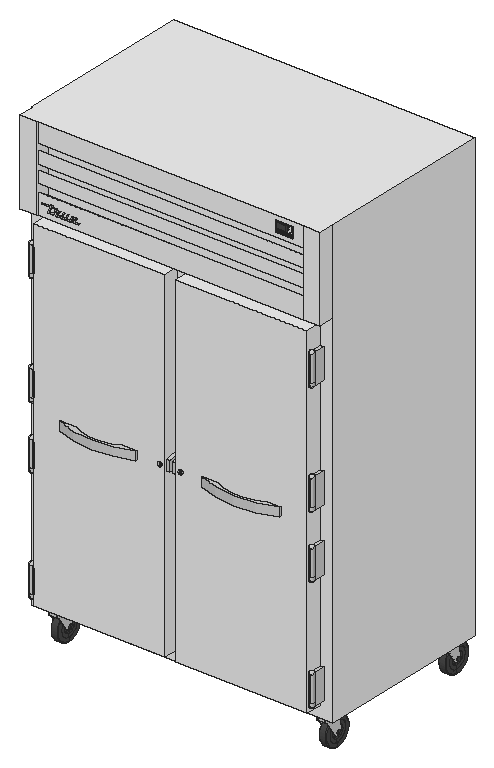
Revit family
Parameters
  Weight in Pounds = 0
  Watts = 3000 W
  Volts = 208 V
  URL Cutsheet = "www.truemfg.com"
  URL = "www.truemfg.com"
  Type Mark [instance] = ""
  Type Comments = ""
  Status [instance] = ""
  Specification by User [instance] = ""
  Specification by Manufacturer = ""
  Show Seismic Flanged [instance] = no
  Show Logo [instance] = yes
  Show Legs [instance] = no
  Show Clearance [instance] = yes
  Serial Number = ""
  Seismic Rating = ""
  Seismic Plate [instance] = and(Show Seismic Flanged, not(Show Casters))  # no
  SMACNA No = ""
  Revision Code [instance] = ""
  Phase = 1
  Omniclass Number and Title = ""
  Number of Poles [instance] = 1
  NAFEM Spec ID Number = ""
  Model = "STR2H-2S"
  Min Ckt Ampacity = 0 A
  Max Overcurrent Protection = 0 A
  Masterspec = ""
  Manufacturer = "TRUE FOOD SERVICE EQUIPMENT, INC."
  Length = 52 5/8"
  Legs [instance] = or(Show Legs, Show Seismic Flanged)  # no
  Item Number [instance] = ""
  Installed By [instance] = ""
  Identify Quantity as Lot [instance] = yes
  Height = 77 3/4"
  HP = ""
  Furnished By [instance] = ""
  Foodservice Equipment Identifier [instance] = yes
  FL Amps = Watts / Volts  # 14.4231 A
  Electrical Remarks [instance] = ""
  Electric Connection Type [instance] = ""
  Elec Conn RI Height [instance] = 0"
  Elec Conn Connection Height [instance] = 0"
  Description = "Reach-in Solid Swing Door Heated Cabinet"
  Depth = 33 3/4"
  Cycle = 60 Hz
  Conn Plug = "6-15P"
  Conn Conduit = yes
  Show Casters [instance] = and(not(if(Show Legs, Show Legs, Show Legs)), not(if(Show Legs, Show Legs, Show Seismic Flanged)))  # yes
  CSI MasterFormat = ""
  CSI Master Format = ""
  Apparent Power = if(Phase = 3, Volts * FL Amps * 1.73, Volts * FL Amps)  # 3000 VA
Reference planes (in)
  plane 1 "BACK": y = 0
  plane 2: z = 0
  plane 3 "LEFT": x = 0
  plane 4 "RIGHT": x = 52.625
  plane 5 "FRONT": y = -33.75
  plane 6 "TOP": z = 84.125
  plane 7: z = 6.125
  plane 8: x = 26.3125
  plane 9: x = 3
  plane 10: x = 49.9375
  plane 11: y = -33.7042
  plane 12: x = 26.46875
Forms (in)
  Extrusion 1, solid, material "QF_Finishes_Chrome - Satin"
    sketch origin (0.05, 0, 0) x (1, 0, 0) y (0, 1, 0)
      loop
        line (-0.05, 0) -> (-0.05, -31) -> (2.35625, -31) -> (2.35625, 0) -> (-0.05, 0)
    from 6.125 to 84.125
  Extrusion 2, solid, material "QF_Finishes_Chrome - Satin"
    sketch origin (50.15, 0, 0) x (1, 0, 0) y (0, 1, 0)
      loop
        line (0.225, 0) -> (0.225, -31) -> (2.475, -31) -> (2.475, 0) -> (0.225, 0)
    from 6.125 to 84.125
  Extrusion 3, solid, material "QF_Finishes_Chrome - Satin"
    sketch origin (0, 0, 0) x (0, 1, 0) y (0, 0, 1)
      loop
        line (-33.7042, 69.5) -> (-31, 69.5) -> (-31, 6.125) -> (0, 6.125) -> (0, 84.125) -> (-33.7042, 84.125) -> (-33.7042, 80.78078) -> (-31.5, 79.21352) -> (-31.5, 78.09125) -> (-33.7042, 79.65851) -> (-33.7042, 77.5248) -> (-31.5, 75.95754) -> (-31.5, 74.99678) -> (-33.7042, 76.56404) -> (-33.7042, 74.46784) -> (-31.5, 72.90057) -> (-31.5, 71.625) -> (-33.7042, 73.19226) -> (-33.7042, 69.5)
    from 2.25 to 50.375
  Extrusion 4, solid, material "QF_Finishes_Chrome - Satin"
    sketch origin (0, 0, 0) x (1, 0, 0) y (0, 1, 0)
      loop
        line (52.54687, -31) -> (49.66032, -31) -> (49.66032, -33.75) -> (52.54687, -33.75) -> (52.54687, -31)
    from 69.5 to 84.125
  Extrusion 5, solid, material "QF_Finishes_Chrome - Satin"
    sketch origin (-50.125, 0, 0.25) x (1, 0, 0) y (0, 1, 0)
      loop
        line (53.20984, -31) -> (50.20312, -31) -> (50.20312, -33.75) -> (53.20984, -33.75) -> (53.20984, -31)
    from 69.25 to 83.875
  Extrusion 6, solid, material "QF_Finishes_Chrome - Satin"
    sketch origin (0, 0, -0.71875) x (1, 0, 0) y (0, 0, 1)
      loop
        line (2.4375, 68.6875) -> (2.4375, 8.75) -> (25.375, 8.75) -> (25.375, 68.6875) -> (2.4375, 68.6875)
      loop
        line (50.34375, 68.6875) -> (27.40625, 68.6875) -> (27.40625, 8.75) -> (50.34375, 8.75) -> (50.34375, 68.6875)
    from 31 to 33.75
  Extrusion 7, solid, material "QF_Finishes_Handrails and Railings"
    sketch origin (85.95, -0.25, 26.37269) x (1, 0, 0) y (0, 1, 0)
      loop
        line (-53.875, -33.5) -> (-53.875, -33.7)
        arc (-53.875, -33.7) -> (-47.075, -35.14405) -> (-40.275, -33.7) r 16.7325
        line (-40.275, -33.7) -> (-40.275, -33.5) -> (-42.675, -33.5)
        arc (-42.675, -33.5) -> (-47.075, -34.65816) -> (-51.475, -33.5) r 8.93715
        line (-51.475, -33.5) -> (-53.875, -33.5)
    from 10.87731 to 12.37731
  Extrusion 8, solid, material "QF_Finishes_Handrails and Railings"
    sketch origin (1.875, 0, -2) x (1, 0, 0) y (0, 0, 1)
      loop
        circle (22.6875, 40.0625) r 0.35
      loop
        line (22.65235, 40.33635) -> (22.65235, 39.76895) -> (22.70785, 39.76895) -> (22.70785, 40.33635) -> (22.65235, 40.33635)
      loop
        circle (26.3125, 40.0625) r 0.35
      loop
        line (26.34765, 40.33635) -> (26.29215, 40.33635) -> (26.29215, 39.76895) -> (26.34765, 39.76895) -> (26.34765, 40.33635)
    from 33.5 to 33.83066
  Extrusion 9, solid, material "QF_Finishes_Handrails and Railings", visible <- "Show Logo"
    sketch origin (0.33478, 1.08173, -6.73143) x (1, 0, 0) y (0, 0, 1)
      loop
        line (3.61669, 78.46231) -> (3.51103, 78.23573) -> (4.91652, 78.23573)
        arc (4.91652, 78.23573) -> (4.94504, 78.18528) -> (4.91652, 78.13484) r 0.05887
        line (4.91652, 78.13484) -> (4.54994, 77.34872)
        arc (4.54994, 77.34872) -> (4.54676, 77.27591) -> (4.596, 77.22217) r 0.09523
        line (4.596, 77.22217) -> (5.49469, 77.22217)
        arc (5.49469, 77.22217) -> (5.60817, 77.25795) -> (5.68061, 77.35235) r 0.19785
        line (5.68061, 77.35235) -> (5.9691, 77.97101) -> (6.23415, 77.97101)
        arc (6.23415, 77.97101) -> (6.30369, 77.94543) -> (6.29362, 77.87203) r 0.05911
        line (6.29362, 77.87203) -> (6.05223, 77.35437)
        arc (6.05223, 77.35437) -> (6.05599, 77.2684) -> (6.12856, 77.22217) r 0.09318
        line (6.12856, 77.22217) -> (6.91823, 77.22217)
        arc (6.91823, 77.22217) -> (6.97874, 77.24419) -> (7.01093, 77.29995) r 0.09412
        arc (7.01093, 77.29995) -> (7.03371, 77.24495) -> (7.08871, 77.22217) r 0.07778
        line (7.08871, 77.22217) -> (7.58871, 77.22217)
        arc (7.58871, 77.22217) -> (7.64647, 77.23765) -> (7.68876, 77.27993) r 0.11552
        arc (7.68876, 77.27993) -> (7.709, 77.23106) -> (7.75787, 77.21081) r 0.06912
        line (7.75787, 77.21081) -> (8.4685, 77.21081)
        arc (8.4685, 77.21081) -> (8.52659, 77.23488) -> (8.55066, 77.29297) r 0.08216
        arc (8.55066, 77.29297) -> (8.60392, 77.23972) -> (8.67667, 77.22022) r 0.14551
        line (8.67667, 77.22022) -> (10.00783, 77.22022) -> (10.15571, 77.47634) -> (8.81303, 77.47634)
        arc (8.81303, 77.47634) -> (8.77597, 77.50204) -> (8.77459, 77.54711) r 0.05009
        line (8.77459, 77.54711) -> (8.79782, 77.59692)
        arc (8.79782, 77.59692) -> (8.83348, 77.64364) -> (8.88952, 77.66135) r 0.09747
        line (8.88952, 77.66135) -> (9.3211, 77.66135)
        arc (9.3211, 77.66135) -> (9.41425, 77.68631) -> (9.48244, 77.7545) r 0.1863
        line (9.48244, 77.7545) -> (9.60744, 77.97101)
        arc (9.60744, 77.97101) -> (9.60744, 78.08657) -> (9.50736, 78.14434) r 0.11556
        line (9.50736, 78.14434) -> (9.05187, 78.14434)
        arc (9.05187, 78.14434) -> (8.93575, 78.12462) -> (8.85474, 78.03912) r 0.18605
        line (8.85474, 78.03912) -> (8.63829, 77.57493)
        arc (8.63829, 77.57493) -> (8.5744, 77.49167) -> (8.47431, 77.46011) r 0.1745
        line (8.47431, 77.46011) -> (8.00184, 77.46011)
        arc (8.00184, 77.46011) -> (7.94528, 77.52184) -> (7.94893, 77.60548) r 0.10939
        line (7.94893, 77.60548) -> (8.2002, 78.14434) -> (8.04028, 78.14434) -> (7.77406, 77.57344)
        arc (7.77406, 77.57344) -> (7.72234, 77.50603) -> (7.6413, 77.48048) r 0.14128
        line (7.6413, 77.48048) -> (7.3155, 77.48048)
        arc (7.3155, 77.48048) -> (7.26044, 77.55223) -> (7.27225, 77.64189) r 0.11816
        line (7.27225, 77.64189) -> (7.50655, 78.14434) -> (7.34139, 78.14434) -> (7.07171, 77.566)
        arc (7.07171, 77.566) -> (7.0091, 77.50339) -> (6.92358, 77.48048) r 0.17104
        line (6.92358, 77.48048) -> (6.4518, 77.48048)
        arc (6.4518, 77.48048) -> (6.36707, 77.51999) -> (6.35892, 77.61313) r 0.0935
        line (6.35892, 77.61313) -> (6.51399, 77.94569) -> (6.7332, 77.94569)
        arc (6.7332, 77.94569) -> (6.7702, 78.05717) -> (6.84892, 78.14434) r 0.2857
        line (6.84892, 78.14434) -> (5.9923, 78.14434)
        arc (5.9923, 78.14434) -> (5.89711, 78.12324) -> (5.83123, 78.05135) r 0.16212
        line (5.83123, 78.05135) -> (5.59904, 77.55341)
        arc (5.59904, 77.55341) -> (5.54565, 77.50002) -> (5.47272, 77.48048) r 0.14586
        line (5.47272, 77.48048) -> (4.96131, 77.48048)
        arc (4.96131, 77.48048) -> (4.92139, 77.53442) -> (4.92899, 77.60109) r 0.09155
        line (4.92899, 77.60109) -> (5.26643, 78.23573) -> (6.1178, 78.23573) -> (6.22346, 78.46231) -> (5.37209, 78.46231) -> (5.47774, 78.68888) -> (5.17487, 78.68888) -> (5.06922, 78.46231) -> (3.61669, 78.46231)
      loop
        arc (8.9943, 77.93863) -> (8.95744, 77.92875) -> (8.93045, 77.90176) r 0.07373
        line (8.93045, 77.90176) -> (8.90854, 77.83436)
        arc (8.90854, 77.83436) -> (8.9187, 77.80983) -> (8.94324, 77.79966) r 0.0347
        line (8.94324, 77.79966) -> (9.31573, 77.79966)
        arc (9.31573, 77.79966) -> (9.34257, 77.80561) -> (9.36437, 77.82234) r 0.0635
        line (9.36437, 77.82234) -> (9.38249, 77.90622)
        arc (9.38249, 77.90622) -> (9.37716, 77.92868) -> (9.35634, 77.93863) r 0.02676
        line (9.35634, 77.93863) -> (8.9943, 77.93863)
    from 34.76797 to 34.83173
  Extrusion 10, solid
    sketch origin (0, 0, 0) x (1, 0, 0) y (0, 0, 1)
      loop
        circle (49.53125, 82) r 0.25
    from 0 to 0.0625
  Extrusion 11, solid, material "QF_Finishes_Handrails and Railings"
    sketch origin (-33.16875, -0.25, 26.37269) x (1, 0, 0) y (0, 1, 0)
      loop
        line (53.71875, -33.5) -> (51.31875, -33.5)
        arc (51.31875, -33.5) -> (47.075, -34.58228) -> (42.83125, -33.5) r 8.86127
        line (42.83125, -33.5) -> (40.43125, -33.5) -> (40.43125, -33.7)
        arc (40.43125, -33.7) -> (47.075, -35.08117) -> (53.71875, -33.7) r 16.66961
        line (53.71875, -33.7) -> (53.71875, -33.5)
    from 10.87731 to 12.37731
  Blend 12, solid, material "QF_Finishes_Handrails and Railings"
    base sketch origin (0.125, 0, 0) x (1, 0, 0) y (0, 0, 1)
      loop
        line (25.25, 38.99169) -> (25.25, 37.24169) -> (26, 37.24169) -> (26, 38.99169) -> (25.25, 38.99169)
    top sketch origin (0.125, 0, 0) x (1, 0, 0) y (0, 0, 1)
      loop
        line (26.18223, 36.6441) -> (26.18223, 39.42643) -> (25.25, 39.42643) -> (25.25, 36.6441) -> (26.18223, 36.6441)
    from 33.57883 to 31
  Blend 13, solid, material "QF_Finishes_Handrails and Railings"
    base sketch origin (52.65625, 0, 0) x (-1, 0, 0) y (0, 0, -1)
      loop
        line (25.25, -38.99169) -> (26, -38.99169) -> (26, -37.24169) -> (25.25, -37.24169) -> (25.25, -38.99169)
    top sketch origin (52.65625, 0, 0) x (-1, 0, 0) y (0, 0, -1)
      loop
        line (26.18223, -36.6441) -> (25.25, -36.6441) -> (25.25, -39.42643) -> (26.18223, -39.42643) -> (26.18223, -36.6441)
    from 33.57883 to 31
  Extrusion 14, solid, material "QF_Finishes_Handrails and Railings"
    sketch origin (1.28125, 0, 0) x (0, 1, 0) y (0, 0, 1)
      loop
        line (-31, 64.55229) -> (-32.61044, 64.55229)
        arc (-32.61044, 64.55229) -> (-32.75506, 64.49238) -> (-32.81497, 64.34776) r 0.20453
        line (-32.81497, 64.34776) -> (-32.81497, 59.94848) -> (-33.25, 59.94848) -> (-33.25, 59.23627) -> (-31, 59.23627) -> (-31, 64.55229)
    from 0.17506 to 1
  Revolve 15, solid, material "QF_Finishes_Handrails and Railings"
    sketch origin (1.78125, 0, 0) x (0, 1, 0) y (0, 0, 1)
      loop
        line (-33.26563, 60.00189) -> (-33.26563, 64.81483)
        arc (-33.26563, 64.81483) -> (-33.53722, 64.72557) -> (-33.67229, 64.4736) r 0.3848
        line (-33.67229, 64.4736) -> (-33.67229, 60.00189) -> (-33.26563, 60.00189)
      loop
        line (-33.26563, 59.94848) -> (-33.67229, 59.94848) -> (-33.67229, 59.37712)
        arc (-33.67229, 59.37712) -> (-33.53264, 59.13383) -> (-33.26563, 59.04781) r 0.38884
        line (-33.26563, 59.04781) -> (-33.26563, 59.94848)
      axis (-33.26563, 59.04781) -> (-33.26563, 64.81483)
    angle from 0 to 360
  Extrusion 16, solid, material "QF_Finishes_Handrails and Railings"
    sketch origin (-0.03125, 0, 0) x (1, 0, 0) y (0, 0, 1)
      loop
        line (2.07116, 64.4736) -> (2.07116, 60.00079) -> (2.46875, 60.00079) -> (2.46875, 64.4736) -> (2.07116, 64.4736)
    from 32.81497 to 33.59495
  Extrusion 17, solid, material "QF_Finishes_Handrails and Railings"
    sketch origin (1.28125, 0, -19.5) x (0, 1, 0) y (0, 0, 1)
      loop
        line (-31, 64.55229) -> (-32.61044, 64.55229)
        arc (-32.61044, 64.55229) -> (-32.75506, 64.49238) -> (-32.81497, 64.34776) r 0.20453
        line (-32.81497, 64.34776) -> (-32.81497, 59.94848) -> (-33.25, 59.94848) -> (-33.25, 59.23627) -> (-31, 59.23627) -> (-31, 64.55229)
    from 0.17506 to 1
  Revolve 18, solid, material "QF_Finishes_Handrails and Railings"
    sketch origin (1.78125, 0, -19.5) x (0, 1, 0) y (0, 0, 1)
      loop
        line (-33.26563, 60.00189) -> (-33.26563, 64.81483)
        arc (-33.26563, 64.81483) -> (-33.53722, 64.72557) -> (-33.67229, 64.4736) r 0.3848
        line (-33.67229, 64.4736) -> (-33.67229, 60.00189) -> (-33.26563, 60.00189)
      loop
        line (-33.26563, 59.94848) -> (-33.67229, 59.94848) -> (-33.67229, 59.37712)
        arc (-33.67229, 59.37712) -> (-33.53264, 59.13383) -> (-33.26563, 59.04781) r 0.38884
        line (-33.26563, 59.04781) -> (-33.26563, 59.94848)
      axis (-33.26563, 59.04781) -> (-33.26563, 64.81483)
    angle from 0 to 360
  Extrusion 19, solid, material "QF_Finishes_Handrails and Railings"
    sketch origin (-0.03125, 0, -19.5) x (1, 0, 0) y (0, 0, 1)
      loop
        line (2.07116, 64.4736) -> (2.07116, 60.00079) -> (2.46875, 60.00079) -> (2.46875, 64.4736) -> (2.07116, 64.4736)
    from 32.81497 to 33.59495
  Extrusion 20, solid, material "QF_Finishes_Handrails and Railings"
    sketch origin (1.28125, 0, -30.5) x (0, 1, 0) y (0, 0, 1)
      loop
        line (-31, 64.55229) -> (-32.61044, 64.55229)
        arc (-32.61044, 64.55229) -> (-32.75506, 64.49238) -> (-32.81497, 64.34776) r 0.20453
        line (-32.81497, 64.34776) -> (-32.81497, 59.94848) -> (-33.25, 59.94848) -> (-33.25, 59.23627) -> (-31, 59.23627) -> (-31, 64.55229)
    from 0.17506 to 1
  Revolve 21, solid, material "QF_Finishes_Handrails and Railings"
    sketch origin (1.78125, 0, -30.5) x (0, 1, 0) y (0, 0, 1)
      loop
        line (-33.26563, 60.00189) -> (-33.26563, 64.81483)
        arc (-33.26563, 64.81483) -> (-33.53722, 64.72557) -> (-33.67229, 64.4736) r 0.3848
        line (-33.67229, 64.4736) -> (-33.67229, 60.00189) -> (-33.26563, 60.00189)
      loop
        line (-33.26563, 59.94848) -> (-33.67229, 59.94848) -> (-33.67229, 59.37712)
        arc (-33.67229, 59.37712) -> (-33.53264, 59.13383) -> (-33.26563, 59.04781) r 0.38884
        line (-33.26563, 59.04781) -> (-33.26563, 59.94848)
      axis (-33.26563, 59.04781) -> (-33.26563, 64.81483)
    angle from 0 to 360
  Extrusion 22, solid, material "QF_Finishes_Handrails and Railings"
    sketch origin (-0.03125, 0, -30.5) x (1, 0, 0) y (0, 0, 1)
      loop
        line (2.07116, 64.4736) -> (2.07116, 60.00079) -> (2.46875, 60.00079) -> (2.46875, 64.4736) -> (2.07116, 64.4736)
    from 32.81497 to 33.59495
  Extrusion 23, solid, material "QF_Finishes_Handrails and Railings"
    sketch origin (1.28125, 0, -50.25) x (0, 1, 0) y (0, 0, 1)
      loop
        line (-31, 64.55229) -> (-32.61044, 64.55229)
        arc (-32.61044, 64.55229) -> (-32.75506, 64.49238) -> (-32.81497, 64.34776) r 0.20453
        line (-32.81497, 64.34776) -> (-32.81497, 59.94848) -> (-33.25, 59.94848) -> (-33.25, 59.23627) -> (-31, 59.23627) -> (-31, 64.55229)
    from 0.17506 to 1
  Revolve 24, solid, material "QF_Finishes_Handrails and Railings"
    sketch origin (1.78125, 0, -50.25) x (0, 1, 0) y (0, 0, 1)
      loop
        line (-33.26563, 60.00189) -> (-33.26563, 64.81483)
        arc (-33.26563, 64.81483) -> (-33.53722, 64.72557) -> (-33.67229, 64.4736) r 0.3848
        line (-33.67229, 64.4736) -> (-33.67229, 60.00189) -> (-33.26563, 60.00189)
      loop
        line (-33.26563, 59.94848) -> (-33.67229, 59.94848) -> (-33.67229, 59.37712)
        arc (-33.67229, 59.37712) -> (-33.53264, 59.13383) -> (-33.26563, 59.04781) r 0.38884
        line (-33.26563, 59.04781) -> (-33.26563, 59.94848)
      axis (-33.26563, 59.04781) -> (-33.26563, 64.81483)
    angle from 0 to 360
  Extrusion 25, solid, material "QF_Finishes_Handrails and Railings"
    sketch origin (-0.03125, 0, -50.25) x (1, 0, 0) y (0, 0, 1)
      loop
        line (2.07116, 64.4736) -> (2.07116, 60.00079) -> (2.46875, 60.00079) -> (2.46875, 64.4736) -> (2.07116, 64.4736)
    from 32.81497 to 33.59495
  Extrusion 26, solid, material "QF_Finishes_Handrails and Railings"
    sketch origin (51.1875, 0, 0) x (0, 1, 0) y (0, 0, -1)
      loop
        line (-31, -64.55229) -> (-31, -59.23627) -> (-33.25, -59.23627) -> (-33.25, -59.94848) -> (-32.81497, -59.94848) -> (-32.81497, -64.34776)
        arc (-32.81497, -64.34776) -> (-32.75506, -64.49238) -> (-32.61044, -64.55229) r 0.20453
        line (-32.61044, -64.55229) -> (-31, -64.55229)
    from 0.17506 to 1
  Revolve 27, solid, material "QF_Finishes_Handrails and Railings"
    sketch origin (50.6875, 0, 0) x (0, 1, 0) y (0, 0, -1)
      loop
        line (-33.26563, -60.00189) -> (-33.67229, -60.00189) -> (-33.67229, -64.4736)
        arc (-33.67229, -64.4736) -> (-33.53722, -64.72557) -> (-33.26563, -64.81483) r 0.3848
        line (-33.26563, -64.81483) -> (-33.26563, -60.00189)
      loop
        line (-33.26563, -59.94848) -> (-33.26563, -59.04781)
        arc (-33.26563, -59.04781) -> (-33.53264, -59.13383) -> (-33.67229, -59.37712) r 0.38884
        line (-33.67229, -59.37712) -> (-33.67229, -59.94848) -> (-33.26563, -59.94848)
      axis (-33.26563, -59.04781) -> (-33.26563, -64.81483)
    angle from 0 to 360
  Extrusion 28, solid, material "QF_Finishes_Handrails and Railings"
    sketch origin (52.5, 0, 0) x (-1, 0, 0) y (0, 0, -1)
      loop
        line (1.75866, -64.4736) -> (2.15625, -64.4736) -> (2.15625, -60.00079) -> (1.75866, -60.00079) -> (1.75866, -64.4736)
    from 32.81497 to 33.59495
  Extrusion 29, solid, material "QF_Finishes_Handrails and Railings"
    sketch origin (51.1875, 0, -19.5) x (0, 1, 0) y (0, 0, -1)
      loop
        line (-31, -64.55229) -> (-31, -59.23627) -> (-33.25, -59.23627) -> (-33.25, -59.94848) -> (-32.81497, -59.94848) -> (-32.81497, -64.34776)
        arc (-32.81497, -64.34776) -> (-32.75506, -64.49238) -> (-32.61044, -64.55229) r 0.20453
        line (-32.61044, -64.55229) -> (-31, -64.55229)
    from 0.17506 to 1
  Revolve 30, solid, material "QF_Finishes_Handrails and Railings"
    sketch origin (50.6875, 0, -19.5) x (0, 1, 0) y (0, 0, -1)
      loop
        line (-33.26563, -60.00189) -> (-33.67229, -60.00189) -> (-33.67229, -64.4736)
        arc (-33.67229, -64.4736) -> (-33.53722, -64.72557) -> (-33.26563, -64.81483) r 0.3848
        line (-33.26563, -64.81483) -> (-33.26563, -60.00189)
      loop
        line (-33.26563, -59.94848) -> (-33.26563, -59.04781)
        arc (-33.26563, -59.04781) -> (-33.53264, -59.13383) -> (-33.67229, -59.37712) r 0.38884
        line (-33.67229, -59.37712) -> (-33.67229, -59.94848) -> (-33.26563, -59.94848)
      axis (-33.26563, -59.04781) -> (-33.26563, -64.81483)
    angle from 0 to 360
  Extrusion 31, solid, material "QF_Finishes_Handrails and Railings"
    sketch origin (52.5, 0, -19.5) x (-1, 0, 0) y (0, 0, -1)
      loop
        line (1.75866, -64.4736) -> (2.15625, -64.4736) -> (2.15625, -60.00079) -> (1.75866, -60.00079) -> (1.75866, -64.4736)
    from 32.81497 to 33.59495
  Extrusion 32, solid, material "QF_Finishes_Handrails and Railings"
    sketch origin (51.1875, 0, -30.5) x (0, 1, 0) y (0, 0, -1)
      loop
        line (-31, -64.55229) -> (-31, -59.23627) -> (-33.25, -59.23627) -> (-33.25, -59.94848) -> (-32.81497, -59.94848) -> (-32.81497, -64.34776)
        arc (-32.81497, -64.34776) -> (-32.75506, -64.49238) -> (-32.61044, -64.55229) r 0.20453
        line (-32.61044, -64.55229) -> (-31, -64.55229)
    from 0.17506 to 1
  Revolve 33, solid, material "QF_Finishes_Handrails and Railings"
    sketch origin (50.6875, 0, -30.5) x (0, 1, 0) y (0, 0, -1)
      loop
        line (-33.26563, -60.00189) -> (-33.67229, -60.00189) -> (-33.67229, -64.4736)
        arc (-33.67229, -64.4736) -> (-33.53722, -64.72557) -> (-33.26563, -64.81483) r 0.3848
        line (-33.26563, -64.81483) -> (-33.26563, -60.00189)
      loop
        line (-33.26563, -59.94848) -> (-33.26563, -59.04781)
        arc (-33.26563, -59.04781) -> (-33.53264, -59.13383) -> (-33.67229, -59.37712) r 0.38884
        line (-33.67229, -59.37712) -> (-33.67229, -59.94848) -> (-33.26563, -59.94848)
      axis (-33.26563, -59.04781) -> (-33.26563, -64.81483)
    angle from 0 to 360
  Extrusion 34, solid, material "QF_Finishes_Handrails and Railings"
    sketch origin (52.5, 0, -30.5) x (-1, 0, 0) y (0, 0, -1)
      loop
        line (1.75866, -64.4736) -> (2.15625, -64.4736) -> (2.15625, -60.00079) -> (1.75866, -60.00079) -> (1.75866, -64.4736)
    from 32.81497 to 33.59495
  Extrusion 35, solid, material "QF_Finishes_Handrails and Railings"
    sketch origin (51.1875, 0, -50.25) x (0, 1, 0) y (0, 0, -1)
      loop
        line (-31, -64.55229) -> (-31, -59.23627) -> (-33.25, -59.23627) -> (-33.25, -59.94848) -> (-32.81497, -59.94848) -> (-32.81497, -64.34776)
        arc (-32.81497, -64.34776) -> (-32.75506, -64.49238) -> (-32.61044, -64.55229) r 0.20453
        line (-32.61044, -64.55229) -> (-31, -64.55229)
    from 0.17506 to 1
  Revolve 36, solid, material "QF_Finishes_Handrails and Railings"
    sketch origin (50.6875, 0, -50.25) x (0, 1, 0) y (0, 0, -1)
      loop
        line (-33.26563, -60.00189) -> (-33.67229, -60.00189) -> (-33.67229, -64.4736)
        arc (-33.67229, -64.4736) -> (-33.53722, -64.72557) -> (-33.26563, -64.81483) r 0.3848
        line (-33.26563, -64.81483) -> (-33.26563, -60.00189)
      loop
        line (-33.26563, -59.94848) -> (-33.26563, -59.04781)
        arc (-33.26563, -59.04781) -> (-33.53264, -59.13383) -> (-33.67229, -59.37712) r 0.38884
        line (-33.67229, -59.37712) -> (-33.67229, -59.94848) -> (-33.26563, -59.94848)
      axis (-33.26563, -59.04781) -> (-33.26563, -64.81483)
    angle from 0 to 360
  Extrusion 37, solid, material "QF_Finishes_Handrails and Railings"
    sketch origin (52.5, 0, -50.25) x (-1, 0, 0) y (0, 0, -1)
      loop
        line (1.75866, -64.4736) -> (2.15625, -64.4736) -> (2.15625, -60.00079) -> (1.75866, -60.00079) -> (1.75866, -64.4736)
    from 32.81497 to 33.59495
  Revolve 38, solid, material "QF_Finishes_Black", visible <- "Show Casters"
    sketch origin (47.78125, -27.375, 0) x (1, 0, 0) y (0, 0, 1)
      loop
        line (1.63125, 5) -> (1.53125, 4.9) -> (1.53125, 4.29941) -> (1.69226, 4.29941) -> (1.69226, 3.54941) -> (1.53125, 3.54941) -> (1.53125, 2.79941) -> (1.13125, 2.79941) -> (1.13125, 2.5) -> (3.18125, 2.5) -> (3.18125, 2.79941) -> (2.78533, 2.79941) -> (2.78533, 3.54941) -> (2.62024, 3.54941) -> (2.62024, 4.29941) -> (2.78533, 4.29941) -> (2.78533, 4.89592) -> (2.68125, 5) -> (1.63125, 5)
      axis (3.18125, 2.5) -> (1.13125, 2.5)
    angle from 0 to 360
  Extrusion 39, solid, material "QF_Finishes_Handrails and Railings", visible <- "Show Casters"
    sketch origin (47.78125, 0, 0) x (0, 1, 0) y (0, 0, 1)
      loop
        line (-29.95136, 5.48574) -> (-29.95136, 4.88089) -> (-29.70136, 4.88089) -> (-27.95216, 2.18736)
        arc (-27.95216, 2.18736) -> (-27.23883, 1.94868) -> (-26.84581, 2.59003) r 0.60416
        line (-26.84581, 2.59003) -> (-27.20136, 5.48574) -> (-29.95136, 5.48574)
      loop
        line (-3.8577, 5.48574) -> (-3.8577, 4.88089) -> (-3.6077, 4.88089) -> (-1.8585, 2.18736)
        arc (-1.8585, 2.18736) -> (-1.14517, 1.94868) -> (-0.75215, 2.59003) r 0.60416
        line (-0.75215, 2.59003) -> (-1.1077, 5.48574) -> (-3.8577, 5.48574)
    from 1.175 to 1.325
  Extrusion 40, solid, material "QF_Finishes_Handrails and Railings", visible <- "Show Casters"
    sketch origin (49.28125, 0, 0) x (0, 1, 0) y (0, 0, 1)
      loop
        line (-29.95136, 5.48574) -> (-29.95136, 4.88089) -> (-29.70136, 4.88089) -> (-27.95216, 2.18736)
        arc (-27.95216, 2.18736) -> (-27.23883, 1.94868) -> (-26.84581, 2.59003) r 0.60416
        line (-26.84581, 2.59003) -> (-27.20136, 5.48574) -> (-29.95136, 5.48574)
      loop
        line (-3.8577, 5.48574) -> (-3.8577, 4.88089) -> (-3.6077, 4.88089) -> (-1.8585, 2.18736)
        arc (-1.8585, 2.18736) -> (-1.14517, 1.94868) -> (-0.75215, 2.59003) r 0.60416
        line (-0.75215, 2.59003) -> (-1.1077, 5.48574) -> (-3.8577, 5.48574)
    from 1.175 to 1.325
  Revolve 41, solid, material "QF_Finishes_Chrome - Satin", visible <- "Show Casters"
    sketch origin (47.78125, -28.5625, -0.5) x (1, 0, 0) y (0, 0, 1)
      loop
        line (2.15625, 5.99546) -> (2.15625, 6.62359) -> (0.85918, 6.62359) -> (0.85918, 5.99546) -> (2.15625, 5.99546)
      axis (2.15625, 5.99546) -> (2.15625, 6.62359)
    angle from 0 to 360
  Revolve 42, solid, material "QF_Finishes_Chrome - Satin", visible <- "Legs"
    sketch origin (47.78125, -2.69102, 0) x (1, 0, 0) y (0, 0, 1)
      loop
        line (2.15625, 6.125) -> (0.82287, 6.125) -> (1.40625, 1) -> (1.65625, 1) -> (1.65625, 0) -> (2.15625, 0) -> (2.15625, 6.125)
      axis (2.15625, 0) -> (2.15625, 6.125)
    angle from 0 to 360
  Revolve 43, solid, material "QF_Finishes_Chrome - Satin", visible <- "Legs"
    sketch origin (47.78125, -28.65977, 0) x (1, 0, 0) y (0, 0, 1)
      loop
        line (2.15625, 6.125) -> (0.82287, 6.125) -> (1.40625, 1) -> (1.65625, 1) -> (1.65625, 0) -> (2.15625, 0) -> (2.15625, 6.125)
      axis (2.15625, 0) -> (2.15625, 6.125)
    angle from 0 to 360
  Revolve 44, solid, material "QF_Finishes_Chrome - Satin", visible <- "Show Casters"
    sketch origin (47.78125, -2.70321, -0.5) x (1, 0, 0) y (0, 0, 1)
      loop
        line (2.15625, 5.99546) -> (2.15625, 6.62359) -> (0.85918, 6.62359) -> (0.85918, 5.99546) -> (2.15625, 5.99546)
      axis (2.15625, 5.99546) -> (2.15625, 6.62359)
    angle from 0 to 360
  Extrusion 45, solid, material "QF_Finishes_Handrails and Railings", visible <- "Show Casters"
    sketch origin (0, 0, 0) x (0, 1, 0) y (0, 0, 1)
      loop
        line (-29.95136, 5.48574) -> (-29.95136, 4.88089) -> (-29.70136, 4.88089) -> (-27.16533, 5.19227) -> (-27.20136, 5.48574) -> (-29.95136, 5.48574)
      loop
        line (-3.8577, 5.48574) -> (-3.8577, 4.88089) -> (-3.6077, 4.88089) -> (-1.07167, 5.19227) -> (-1.1077, 5.48574) -> (-3.8577, 5.48574)
    from 49.10625 to 50.45625
  Revolve 46, solid, material "QF_Finishes_Black", visible <- "Show Casters"
    sketch origin (47.78125, -1.21875, 0) x (1, 0, 0) y (0, 0, 1)
      loop
        line (1.63125, 5) -> (1.53125, 4.9) -> (1.53125, 4.29941) -> (1.69226, 4.29941) -> (1.69226, 3.54941) -> (1.53125, 3.54941) -> (1.53125, 2.79941) -> (1.13125, 2.79941) -> (1.13125, 2.5) -> (3.18125, 2.5) -> (3.18125, 2.79941) -> (2.78533, 2.79941) -> (2.78533, 3.54941) -> (2.62024, 3.54941) -> (2.62024, 4.29941) -> (2.78533, 4.29941) -> (2.78533, 4.89592) -> (2.68125, 5) -> (1.63125, 5)
      axis (3.18125, 2.5) -> (1.13125, 2.5)
    angle from 0 to 360
  Revolve 47, solid, material "QF_Finishes_Black", visible <- "Show Casters"
    sketch origin (0.84375, -27.375, 0) x (1, 0, 0) y (0, 0, 1)
      loop
        line (1.63125, 5) -> (1.53125, 4.9) -> (1.53125, 4.29941) -> (1.69226, 4.29941) -> (1.69226, 3.54941) -> (1.53125, 3.54941) -> (1.53125, 2.79941) -> (0.975, 2.79941) -> (0.975, 2.5) -> (3.18125, 2.5) -> (3.18125, 2.79941) -> (2.78533, 2.79941) -> (2.78533, 3.54941) -> (2.62024, 3.54941) -> (2.62024, 4.29941) -> (2.78533, 4.29941) -> (2.78533, 4.89592) -> (2.68125, 5) -> (1.63125, 5)
      axis (3.18125, 2.5) -> (0.975, 2.5)
    angle from 0 to 360
  Extrusion 48, solid, material "QF_Finishes_Handrails and Railings", visible <- "Show Casters"
    sketch origin (0.84375, 0, 0) x (0, 1, 0) y (0, 0, 1)
      loop
        line (-29.95136, 5.48574) -> (-29.95136, 4.88089) -> (-29.70136, 4.88089) -> (-27.95216, 2.18736)
        arc (-27.95216, 2.18736) -> (-27.23883, 1.94868) -> (-26.84581, 2.59003) r 0.60416
        line (-26.84581, 2.59003) -> (-27.20136, 5.48574) -> (-29.95136, 5.48574)
      loop
        line (-3.8577, 5.48574) -> (-3.8577, 4.88089) -> (-3.6077, 4.88089) -> (-1.8585, 2.18736)
        arc (-1.8585, 2.18736) -> (-1.14517, 1.94868) -> (-0.75215, 2.59003) r 0.60416
        line (-0.75215, 2.59003) -> (-1.1077, 5.48574) -> (-3.8577, 5.48574)
    from 1.175 to 1.325
  Extrusion 49, solid, material "QF_Finishes_Handrails and Railings", visible <- "Show Casters"
    sketch origin (2.34375, 0, 0) x (0, 1, 0) y (0, 0, 1)
      loop
        line (-29.95136, 5.48574) -> (-29.95136, 4.88089) -> (-29.70136, 4.88089) -> (-27.95216, 2.18736)
        arc (-27.95216, 2.18736) -> (-27.23883, 1.94868) -> (-26.84581, 2.59003) r 0.60416
        line (-26.84581, 2.59003) -> (-27.20136, 5.48574) -> (-29.95136, 5.48574)
      loop
        line (-3.8577, 5.48574) -> (-3.8577, 4.88089) -> (-3.6077, 4.88089) -> (-1.8585, 2.18736)
        arc (-1.8585, 2.18736) -> (-1.14517, 1.94868) -> (-0.75215, 2.59003) r 0.60416
        line (-0.75215, 2.59003) -> (-1.1077, 5.48574) -> (-3.8577, 5.48574)
    from 1.175 to 1.325
  Revolve 50, solid, material "QF_Finishes_Chrome - Satin", visible <- "Show Casters"
    sketch origin (0.84375, -28.5625, -0.5) x (1, 0, 0) y (0, 0, 1)
      loop
        line (2.15625, 5.99546) -> (2.15625, 6.62359) -> (0.85918, 6.62359) -> (0.85918, 5.99546) -> (2.15625, 5.99546)
      axis (2.15625, 5.99546) -> (2.15625, 6.62359)
    angle from 0 to 360
  Revolve 51, solid, material "QF_Finishes_Chrome - Satin", visible <- "Legs"
    sketch origin (0.84375, -2.69102, 0) x (1, 0, 0) y (0, 0, 1)
      loop
        line (2.15625, 6.125) -> (0.82287, 6.125) -> (1.40625, 1) -> (1.65625, 1) -> (1.65625, 0) -> (2.15625, 0) -> (2.15625, 6.125)
      axis (2.15625, 0) -> (2.15625, 6.125)
    angle from 0 to 360
  Revolve 52, solid, material "QF_Finishes_Chrome - Satin", visible <- "Legs"
    sketch origin (0.84375, -28.65977, 0) x (1, 0, 0) y (0, 0, 1)
      loop
        line (2.15625, 6.125) -> (0.82287, 6.125) -> (1.40625, 1) -> (1.65625, 1) -> (1.65625, 0) -> (2.15625, 0) -> (2.15625, 6.125)
      axis (2.15625, 0) -> (2.15625, 6.125)
    angle from 0 to 360
  Revolve 53, solid, material "QF_Finishes_Chrome - Satin", visible <- "Show Casters"
    sketch origin (0.84375, -2.70321, -0.5) x (1, 0, 0) y (0, 0, 1)
      loop
        line (2.15625, 5.99546) -> (2.15625, 6.62359) -> (0.85918, 6.62359) -> (0.85918, 5.99546) -> (2.15625, 5.99546)
      axis (2.15625, 5.99546) -> (2.15625, 6.62359)
    angle from 0 to 360
  Extrusion 54, solid, material "QF_Finishes_Handrails and Railings", visible <- "Show Casters"
    sketch origin (-46.9375, 0, 0) x (0, 1, 0) y (0, 0, 1)
      loop
        line (-29.95136, 5.48574) -> (-29.95136, 4.88089) -> (-29.70136, 4.88089) -> (-27.16533, 5.19227) -> (-27.20136, 5.48574) -> (-29.95136, 5.48574)
      loop
        line (-3.8577, 5.48574) -> (-3.8577, 4.88089) -> (-3.6077, 4.88089) -> (-1.07167, 5.19227) -> (-1.1077, 5.48574) -> (-3.8577, 5.48574)
    from 49.10625 to 50.45625
  Revolve 55, solid, material "QF_Finishes_Black", visible <- "Show Casters"
    sketch origin (0.84375, -1.21875, 0) x (1, 0, 0) y (0, 0, 1)
      loop
        line (1.63125, 5) -> (1.53125, 4.9) -> (1.53125, 4.29941) -> (1.69226, 4.29941) -> (1.69226, 3.54941) -> (1.53125, 3.54941) -> (1.53125, 2.79941) -> (0.975, 2.79941) -> (0.975, 2.5) -> (3.18125, 2.5) -> (3.18125, 2.79941) -> (2.78533, 2.79941) -> (2.78533, 3.54941) -> (2.62024, 3.54941) -> (2.62024, 4.29941) -> (2.78533, 4.29941) -> (2.78533, 4.89592) -> (2.68125, 5) -> (1.63125, 5)
      axis (3.18125, 2.5) -> (0.975, 2.5)
    angle from 0 to 360
  Extrusion 56, solid, material "QF_Finishes_White"
    sketch origin (1.49925, 1.06376, 1.58022) x (1, 0, 0) y (0, 0, 1)
      loop
        line (43.31732, 81.73227) -> (43.31732, 79.98496) -> (46.22357, 79.98496) -> (46.22357, 81.73227) -> (43.31732, 81.73227)
    from 34.75 to 34.76797
  Extrusion 57, solid, material "QF_Finishes_Black"
    sketch origin (1.49925, 1.06376, 1.58022) x (1, 0, 0) y (0, 0, 1)
      loop
        line (46.28607, 81.79477) -> (43.25482, 81.79477) -> (43.25482, 79.92246) -> (46.28607, 79.92246) -> (46.28607, 81.79477)
      loop
        spline (43.45482, 80.25372) -> (43.46333, 80.23754) -> (43.48831, 80.22247) -> (43.52804, 80.20952) -> (43.57982, 80.19959) -> (43.64011, 80.19335) -> (43.70482, 80.19122) -> (43.76952, 80.19335) -> (43.82982, 80.19959) -> (43.88159, 80.20952) -> (43.92132, 80.22247) -> (43.9463, 80.23754) -> (43.95482, 80.25372)
        spline (43.95482, 80.25372) -> (43.9463, 80.26989) -> (43.92132, 80.28497) -> (43.88159, 80.29791) -> (43.82982, 80.30784) -> (43.76952, 80.31409) -> (43.70482, 80.31622) -> (43.64011, 80.31409) -> (43.57982, 80.30784) -> (43.52804, 80.29791) -> (43.48831, 80.28497) -> (43.46333, 80.26989) -> (43.45482, 80.25372)
      loop
        spline (44.15083, 80.25372) -> (44.15935, 80.23754) -> (44.18432, 80.22247) -> (44.22405, 80.20952) -> (44.27583, 80.19959) -> (44.33612, 80.19335) -> (44.40083, 80.19122) -> (44.46553, 80.19335) -> (44.52583, 80.19959) -> (44.57761, 80.20952) -> (44.61734, 80.22247) -> (44.64231, 80.23754) -> (44.65083, 80.25372)
        spline (44.65083, 80.25372) -> (44.64231, 80.26989) -> (44.61734, 80.28497) -> (44.57761, 80.29791) -> (44.52583, 80.30784) -> (44.46553, 80.31409) -> (44.40083, 80.31622) -> (44.33612, 80.31409) -> (44.27583, 80.30784) -> (44.22405, 80.29791) -> (44.18432, 80.28497) -> (44.15935, 80.26989) -> (44.15083, 80.25372)
      loop
        spline (44.90083, 80.25372) -> (44.90935, 80.23754) -> (44.93432, 80.22247) -> (44.97405, 80.20952) -> (45.02583, 80.19959) -> (45.08612, 80.19335) -> (45.15083, 80.19122) -> (45.21553, 80.19335) -> (45.27583, 80.19959) -> (45.32761, 80.20952) -> (45.36734, 80.22247) -> (45.39231, 80.23754) -> (45.40083, 80.25372)
        spline (45.40083, 80.25372) -> (45.39231, 80.26989) -> (45.36734, 80.28497) -> (45.32761, 80.29791) -> (45.27583, 80.30784) -> (45.21553, 80.31409) -> (45.15083, 80.31622) -> (45.08612, 80.31409) -> (45.02583, 80.30784) -> (44.97405, 80.29791) -> (44.93432, 80.28497) -> (44.90935, 80.26989) -> (44.90083, 80.25372)
      loop
        line (43.45481, 81.59478) -> (43.45481, 80.59478) -> (45.15433, 80.59478) -> (45.15433, 81.59478) -> (43.45481, 81.59478)
      loop
        line (46.22357, 81.73227) -> (43.31732, 81.73227) -> (43.31732, 79.98496) -> (46.22357, 79.98496) -> (46.22357, 81.73227)
      loop
        spline (45.65083, 80.25372) -> (45.65935, 80.23754) -> (45.68432, 80.22247) -> (45.72405, 80.20952) -> (45.77583, 80.19959) -> (45.83612, 80.19335) -> (45.90083, 80.19122) -> (45.96553, 80.19335) -> (46.02583, 80.19959) -> (46.07761, 80.20952) -> (46.11734, 80.22247) -> (46.14231, 80.23754) -> (46.15083, 80.25372)
        spline (46.15083, 80.25372) -> (46.14231, 80.26989) -> (46.11734, 80.28497) -> (46.07761, 80.29791) -> (46.02583, 80.30784) -> (45.96553, 80.31409) -> (45.90083, 80.31622) -> (45.83612, 80.31409) -> (45.77583, 80.30784) -> (45.72405, 80.29791) -> (45.68432, 80.28497) -> (45.65935, 80.26989) -> (45.65083, 80.25372)
    from 34.76797 to 34.80335
  Extrusion 58, solid, material "QF_Finishes_Door Clearance", visible <- "Show Clearance", detail levels coarse
    sketch origin (0.66534, -3.6098, 0) x (-1, 0, 0) y (0, -1, 0)
      loop
        arc (-26.74091, 30.1402) -> (-33.45915, 46.35946) -> (-49.67841, 53.0777) r 22.9375
        line (-49.67841, 53.0777) -> (-49.67841, 30.1402) -> (-26.74091, 30.1402)
      loop
        line (-1.77216, 30.1402) -> (-1.77216, 53.0777)
        arc (-1.77216, 53.0777) -> (-17.99142, 46.35946) -> (-24.70966, 30.1402) r 22.9375
        line (-24.70966, 30.1402) -> (-1.77216, 30.1402)
    from 8.0288 to 67.96875
  Extrusion 59, solid, material "QF_Finishes_Chrome - Satin", visible <- "Seismic Plate"
    sketch origin (-0.22541, -26.96562, 0) x (1, 0, 0) y (0, 1, 0)
      loop
        circle (3.22541, -1.69416) r 1.5
    from 0 to 0.25
  Extrusion 60, solid, material "QF_Finishes_Chrome - Satin", visible <- "Seismic Plate"
    sketch origin (-0.22541, -0.99687, 0) x (1, 0, 0) y (0, 1, 0)
      loop
        circle (3.22541, -1.69416) r 1.5
    from 0 to 0.25
  Extrusion 61, solid, material "QF_Finishes_Chrome - Satin", visible <- "Seismic Plate"
    sketch origin (46.71209, -0.99687, 0) x (1, 0, 0) y (0, 1, 0)
      loop
        circle (3.22541, -1.69416) r 1.5
    from 0 to 0.25
  Extrusion 62, solid, material "QF_Finishes_Chrome - Satin", visible <- "Seismic Plate"
    sketch origin (46.71209, -26.96562, 0) x (1, 0, 0) y (0, 1, 0)
      loop
        circle (3.22541, -1.69416) r 1.5
    from 0 to 0.25
Cuts and joins
  joined: Extrusion 1, Extrusion 2, Extrusion 3, Extrusion 4, Extrusion 5
  joined: Revolve 15, Extrusion 16
Lines and regions (in)
  symbolic lines
    curve 1: line (0, 0, 0) -> (52.625, 0, 0)
    curve 2: line (0, -33.75, 0) -> (0, 0, 0)
    curve 3: line (52.625, -33.75, 0) -> (0, -33.75, 0)
    curve 4: line (52.625, 0, 0) -> (52.625, -33.75, 0)
    curve 5: line (52.625, -31.5, 0) -> (0, -31.5, 0)
    curve 22: arc (43.325, -33.75, 0) -> (38.925, -34.90816, 0) -> (34.525, -33.75, 0) r 8.93715
    curve 23: arc (32.125, -33.95, 0) -> (38.925, -35.39405, 0) -> (45.725, -33.95, 0) r 16.7325
    curve 24: line (32.125, -33.75, 0) -> (32.125, -33.95, 0)
    curve 25: line (45.725, -33.95, 0) -> (45.725, -33.75, 0)
    curve 26: arc (18.19375, -33.75, 0) -> (13.95, -34.83228, 0) -> (9.70625, -33.75, 0) r 8.86127
    curve 27: arc (7.30625, -33.95, 0) -> (13.95, -35.33117, 0) -> (20.59375, -33.95, 0) r 16.66961
    curve 28: line (20.59375, -33.95, 0) -> (20.59375, -33.75, 0)
    curve 29: line (7.30625, -33.75, 0) -> (7.30625, -33.95, 0)
  symbolic lines, style "SpecialityEquipmentHiddenLines", visible <- "Show Casters"
    curve 6: line (3.60602, -24.30071, 0) -> (5.06131, -25.05071, 0)
    curve 7: line (1.20097, -28.96743, 0) -> (3.60602, -24.30071, 0)
    curve 8: line (2.65626, -29.71743, 0) -> (1.20097, -28.96743, 0)
    curve 9: line (5.06131, -25.05071, 0) -> (2.65626, -29.71743, 0)
    curve 10: line (3.98222, -0.4208, 0) -> (5.43751, -1.34689, 0)
    curve 11: line (1.20097, -4.79134, 0) -> (3.98222, -0.4208, 0)
    curve 12: line (2.65626, -5.71743, 0) -> (1.20097, -4.79134, 0)
    curve 13: line (5.43751, -1.34689, 0) -> (2.65626, -5.71743, 0)
    curve 14: line (50.00722, -0.4208, 0) -> (51.30626, -1.1708, 0)
    curve 15: line (47.38222, -4.96743, 0) -> (50.00722, -0.4208, 0)
    curve 16: line (48.68126, -5.71743, 0) -> (47.38222, -4.96743, 0)
    curve 17: line (51.30626, -1.1708, 0) -> (48.68126, -5.71743, 0)
    curve 18: line (50.00722, -24.52487, 0) -> (51.30626, -25.27487, 0)
    curve 19: line (47.38222, -29.07151, 0) -> (50.00722, -24.52487, 0)
    curve 20: line (48.68126, -29.82151, 0) -> (47.38222, -29.07151, 0)
    curve 21: line (51.30626, -25.27487, 0) -> (48.68126, -29.82151, 0)
  symbolic lines, style "QF-Door Swings", visible <- "Show Clearance", detail levels coarse
    curve 30: line (50.34375, -33.75, 0) -> (50.34375, -56.6875, 0)
    curve 31: arc (50.34375, -56.6875, 0) -> (34.12449, -49.96926, 0) -> (27.40625, -33.75, 0) r 22.9375
    curve 32: line (2.4375, -33.75, 0) -> (2.4375, -56.6875, 0)
    curve 33: arc (2.4375, -56.6875, 0) -> (18.65676, -49.96926, 0) -> (25.375, -33.75, 0) r 22.9375
Dimensions and locks (in)
  "Depth": plane 5 "FRONT" to plane 1 "BACK"
  plane 7 to level = 6 1/8"
  plane 6 "TOP" to level = 84 1/8"
  plane 6 "TOP" to plane 7 = 78"
  cut or joined group of Extrusion 1, Extrusion 2, Extrusion 3, Extrusion 4, Extrusion 5 to cut or joined group of Extrusion 1, Extrusion 2, Extrusion 3, Extrusion 4, Extrusion 5 = 31"
  Extrusion 6 to plane 1 "BACK" = 33 3/4"
  "Length": plane 3 "LEFT" to plane 4 "RIGHT"
  plane 4 "RIGHT" to plane 10 to plane 12 to plane 9 to plane 3 "LEFT" = 2 11/16", 23 15/32", 23 15/32", 3"
  plane 3 "LEFT" to plane 12 to plane 4 "RIGHT" = 26 15/32", 26 5/32"
  plane 4 "RIGHT" to plane 3 "LEFT" = 52 5/8"  (x2)
  Extrusion 6 to Extrusion 6 to plane 3 "LEFT" = 22 15/16", 2 7/16"
  plane 4 "RIGHT" to Extrusion 6 to Extrusion 6 = 2 9/32", 22 15/16"
  Extrusion 6 to plane 7 = 1 29/32"
  cut or joined group of Extrusion 1, Extrusion 2, Extrusion 3, Extrusion 4, Extrusion 5 to Extrusion 6 = 1 17/32"
  cut or joined group of Extrusion 1, Extrusion 2, Extrusion 3, Extrusion 4, Extrusion 5 to cut or joined group of Extrusion 1, Extrusion 2, Extrusion 3, Extrusion 4, Extrusion 5 = 52 15/32"
  Extrusion 11 to Extrusion 6 = 29 7/32"
  Extrusion 6 to Extrusion 11 = 29 7/32"
  Extrusion 7 to Extrusion 6 = 29 7/32"
  Extrusion 6 to Extrusion 7 = 29 7/32"
  aligned and locked: level to plane 2
Automatic sketch dimensions
  curve 5 to plane 3 "LEFT" = 0"
  plane 5 "FRONT" to curve 33 = 0"
  plane 1 "BACK" to curve 4 = 0"
  curve 4 to plane 4 "RIGHT" = 0"
  plane 3 "LEFT" to curve 12 = 1.20097"
  plane 3 "LEFT" to curve 7 = 1.20097"
  curve 32 to plane 9 = 9/16"
  curve 8 to plane 9 = 11/32"
  curve 13 to plane 9 = 11/32"
  plane 1 "BACK" to curve 10 = 0.4208"
  plane 9 to curve 10 = 0.98222"
  plane 9 to curve 7 = 0.60602"
  plane 5 "FRONT" to curve 29 = 0.2"
  plane 9 to curve 29 = 4.30625"
  curve 29 to curve 26 = 2.4"
  plane 8 to curve 27 = 12.3625"
  curve 26 to curve 27 = 0"
  curve 26 to curve 28 = 2.4"
  plane 8 to curve 33 = 15/16"
  curve 31 to plane 8 = 1 3/32"
  plane 5 "FRONT" to curve 24 = 0.2"
  curve 31 to curve 24 = 4 23/32"
  curve 24 to curve 22 = 2.4"
  curve 23 to plane 8 = 12.6125"
  curve 22 to curve 23 = 0"
  plane 5 "FRONT" to curve 23 = 0.2"
  curve 20 to plane 10 = 2.55528"
  curve 15 to plane 10 = 2.55528"
  curve 21 to plane 10 = 1.25624"
  curve 17 to plane 10 = 1.25624"
  plane 10 to curve 19 = 0.06972"
  plane 10 to curve 15 = 0.06972"
  plane 10 to curve 31 = 13/32"
  curve 5 to plane 5 "FRONT" = 2 1/4"
  curve 21 to plane 5 "FRONT" = 3.92849"
  curve 5 to curve 8 = 1.78257"
  curve 20 to curve 19 = 3/4"
  curve 8 to curve 7 = 3/4"
  curve 26 to plane 5 "FRONT" = 7.77899"
  curve 22 to plane 5 "FRONT" = 7.77899"
  curve 22 to curve 23 = 7.30945"
  curve 26 to curve 27 = 7.30945"
  curve 13 to curve 10 = 5.29663"
  plane 1 "BACK" to curve 16 = 5.71743"
  curve 16 to curve 16 = 3/4"
  Extrusion 1 sketch curve to plane 3 "LEFT" = 0"
  plane 1 "BACK" to Extrusion 1 sketch curve = 0"
  Extrusion 1 sketch curve to plane 9 = 19/32"
  Extrusion 1 sketch curve to plane 5 "FRONT" = 2 3/4"
  plane 1 "BACK" to Extrusion 2 sketch curve = 0"
  Extrusion 2 sketch curve to plane 4 "RIGHT" = 0"
  plane 10 to Extrusion 2 sketch curve = 7/16"
  Extrusion 2 sketch curve to plane 5 "FRONT" = 2 3/4"
  Extrusion 3 sketch curve to plane 11 = 0"  (x4)
  Extrusion 3 sketch curve to plane 6 "TOP" = 0"
  plane 11 to Extrusion 3 sketch curve = 2.2042"  (x2)
  Extrusion 3 sketch curve to Extrusion 3 sketch curve = 0"
  Extrusion 3 sketch curve to Extrusion 3 sketch curve = 1/2"
  plane 1 "BACK" to Extrusion 3 sketch curve = 0"
  Extrusion 3 sketch curve to plane 6 "TOP" = 3.34422"
  Extrusion 3 sketch curve to Extrusion 3 sketch curve = 1.12227"  (x2)
  Extrusion 3 sketch curve to Extrusion 3 sketch curve = 0.445"
  Extrusion 3 sketch curve to Extrusion 3 sketch curve = 2.13371"  (x2)
  Extrusion 3 sketch curve to Extrusion 3 sketch curve = 0.96076"  (x2)
  Extrusion 3 sketch curve to Extrusion 3 sketch curve = 2.0962"  (x2)
  Extrusion 3 sketch curve to Extrusion 3 sketch curve = 1.27557"  (x2)
  Extrusion 3 sketch curve to Extrusion 3 sketch curve = 2 1/8"
  Extrusion 3 sketch curve to plane 7 = 0"
  plane 5 "FRONT" to Extrusion 4 sketch curve = 0"
  Extrusion 4 sketch curve to plane 10 = 0.27718"
  Extrusion 4 sketch curve to plane 4 "RIGHT" = 5/64"
  Extrusion 4 sketch curve to plane 5 "FRONT" = 2 3/4"
  plane 5 "FRONT" to Extrusion 5 sketch curve = 0"
  plane 3 "LEFT" to Extrusion 5 sketch curve = 5/64"
  plane 9 to Extrusion 5 sketch curve = 0.08484"
  Extrusion 5 sketch curve to plane 5 "FRONT" = 2 3/4"
  Extrusion 6 sketch curve to plane 9 = 9/16"
  plane 8 to Extrusion 6 sketch curve = 15/16"
  Extrusion 6 sketch curve to plane 8 = 1 3/32"
  plane 10 to Extrusion 6 sketch curve = 13/32"
  plane 7 to Extrusion 6 sketch curve = 1 29/32"  (x2)
  Extrusion 6 sketch curve to plane 6 "TOP" = 16 5/32"
  Extrusion 6 sketch curve to Extrusion 6 sketch curve = 0"
  plane 5 "FRONT" to Extrusion 7 sketch curve = 0"  (x2)
  Extrusion 7 sketch curve to plane 8 = 5.7625"
  Extrusion 7 sketch curve to Extrusion 7 sketch curve = 2.4"  (x2)
  Extrusion 7 sketch curve to Extrusion 7 sketch curve = 4.4"
  Extrusion 7 sketch curve to Extrusion 7 sketch curve = 0"
  Extrusion 7 sketch curve to Extrusion 7 sketch curve = 0.2"
  Extrusion 7 sketch curve to plane 5 "FRONT" = 7.77899"
  Extrusion 7 sketch curve to Extrusion 7 sketch curve = 7.30945"
  plane 8 to Extrusion 8 sketch curve = 1 201/256"
  Extrusion 8 sketch curve to Extrusion 8 sketch curve = 9/256"
  Extrusion 8 sketch curve to Extrusion 8 sketch curve = 0.0555"  (x2)
  Extrusion 8 sketch curve to plane 8 = 1.85465"
  Extrusion 8 sketch curve to Extrusion 8 sketch curve = 0.02035"
  plane 7 to Extrusion 8 sketch curve = 31.64395"
  Extrusion 8 sketch curve to Extrusion 8 sketch curve = 0"
  Extrusion 8 sketch curve to Extrusion 8 sketch curve = 0.29355"  (x2)
  Extrusion 8 sketch curve to Extrusion 8 sketch curve = 0.27385"  (x2)
  plane 9 to Extrusion 9 sketch curve = 0.84582"
  Extrusion 9 sketch curve to Extrusion 9 sketch curve = 0.10565"  (x5)
  Extrusion 9 sketch curve to Extrusion 9 sketch curve = 1.03891"
  Extrusion 9 sketch curve to Extrusion 9 sketch curve = 0.04606"
  Extrusion 9 sketch curve to Extrusion 9 sketch curve = 0.04025"
  Extrusion 9 sketch curve to Extrusion 9 sketch curve = 0.33624"
  Extrusion 9 sketch curve to Extrusion 9 sketch curve = 0.03034"  (x2)
  Extrusion 9 sketch curve to Extrusion 9 sketch curve = 0.29274"
  Extrusion 9 sketch curve to Extrusion 9 sketch curve = 0.03232"
  Extrusion 9 sketch curve to Extrusion 9 sketch curve = 0.08083"
  Extrusion 9 sketch curve to Extrusion 9 sketch curve = 0.1527"
  Extrusion 9 sketch curve to Extrusion 9 sketch curve = 0.19721"
  Extrusion 9 sketch curve to Extrusion 9 sketch curve = 0.4629"
  Extrusion 9 sketch curve to Extrusion 9 sketch curve = 0.02197"
  Extrusion 9 sketch curve to Extrusion 9 sketch curve = 0.12632"
  Extrusion 9 sketch curve to Extrusion 9 sketch curve = 0.18591"
  Extrusion 9 sketch curve to Extrusion 9 sketch curve = 0.2322"
  Extrusion 9 sketch curve to Extrusion 9 sketch curve = 0.13786"
  Extrusion 9 sketch curve to Extrusion 9 sketch curve = 0.00907"
  Extrusion 9 sketch curve to Extrusion 9 sketch curve = 0.01413"
  Extrusion 9 sketch curve to Extrusion 9 sketch curve = 0.37162"
  Extrusion 9 sketch curve to Extrusion 9 sketch curve = 0.12551"
  Extrusion 9 sketch curve to Extrusion 9 sketch curve = 0.07633"
  Extrusion 9 sketch curve to Extrusion 9 sketch curve = 0.08445"
  Extrusion 9 sketch curve to Extrusion 9 sketch curve = 0.25598"
  Extrusion 9 sketch curve to Extrusion 9 sketch curve = 0.01887"
  Extrusion 9 sketch curve to Extrusion 9 sketch curve = 0.04061"
  Extrusion 9 sketch curve to Extrusion 9 sketch curve = 0.0653"
  Extrusion 9 sketch curve to Extrusion 9 sketch curve = 0.08474"
  Extrusion 9 sketch curve to Extrusion 9 sketch curve = 0.00815"
  Extrusion 9 sketch curve to Extrusion 9 sketch curve = 0.22037"
  Extrusion 9 sketch curve to Extrusion 9 sketch curve = 0.21921"
  Extrusion 9 sketch curve to Extrusion 9 sketch curve = 0.11572"
  Extrusion 9 sketch curve to Extrusion 9 sketch curve = 0.46643"
  Extrusion 9 sketch curve to Extrusion 9 sketch curve = 0.00535"
  Extrusion 9 sketch curve to Extrusion 9 sketch curve = 0.09269"
  Extrusion 9 sketch curve to Extrusion 9 sketch curve = 0.09348"
  Extrusion 9 sketch curve to Extrusion 9 sketch curve = 0.14812"
  Extrusion 9 sketch curve to Extrusion 9 sketch curve = 0.07778"  (x3)
  Extrusion 9 sketch curve to Extrusion 9 sketch curve = 0.20054"
  Extrusion 9 sketch curve to Extrusion 9 sketch curve = 0.04325"
  Extrusion 9 sketch curve to Extrusion 9 sketch curve = 0.32433"
  Extrusion 9 sketch curve to Extrusion 9 sketch curve = 0.10233"  (x2)
  Extrusion 9 sketch curve to Extrusion 9 sketch curve = 0.16515"
  Extrusion 9 sketch curve to Extrusion 9 sketch curve = 0.27321"
  Extrusion 9 sketch curve to Extrusion 9 sketch curve = 0.0526"
  Extrusion 9 sketch curve to Extrusion 9 sketch curve = 0.10005"
  Extrusion 9 sketch curve to Extrusion 9 sketch curve = 0.06912"
  Extrusion 9 sketch curve to Extrusion 9 sketch curve = 0.13276"
  Extrusion 9 sketch curve to Extrusion 9 sketch curve = 0.17486"
  Extrusion 9 sketch curve to Extrusion 9 sketch curve = 0.05291"
  Extrusion 9 sketch curve to Extrusion 9 sketch curve = 0.53374"
  Extrusion 9 sketch curve to Extrusion 9 sketch curve = 0.09914"  (x2)
  Extrusion 9 sketch curve to Extrusion 9 sketch curve = 0.15992"
  Extrusion 9 sketch curve to Extrusion 9 sketch curve = 0.46666"
  Extrusion 9 sketch curve to Extrusion 9 sketch curve = 0.00582"
  Extrusion 9 sketch curve to Extrusion 9 sketch curve = 0.08216"
  Extrusion 9 sketch curve to Extrusion 9 sketch curve = 0.16397"
  Extrusion 9 sketch curve to Extrusion 9 sketch curve = 0.12601"
  Extrusion 9 sketch curve to Extrusion 9 sketch curve = 0.1363"
  Extrusion 9 sketch curve to Extrusion 9 sketch curve = 0.02323"
  Extrusion 9 sketch curve to Extrusion 9 sketch curve = 0.03844"
  Extrusion 9 sketch curve to Extrusion 9 sketch curve = 0.0454"
  Extrusion 9 sketch curve to Extrusion 9 sketch curve = 0.05693"
  Extrusion 9 sketch curve to Extrusion 9 sketch curve = 0.0917"
  Extrusion 9 sketch curve to Extrusion 9 sketch curve = 0.01902"
  Extrusion 9 sketch curve to Extrusion 9 sketch curve = 0.02191"
  Extrusion 9 sketch curve to Extrusion 9 sketch curve = 0.0347"
  Extrusion 9 sketch curve to Extrusion 9 sketch curve = 0.06385"
  Extrusion 9 sketch curve to Extrusion 9 sketch curve = 0.02906"
  Extrusion 9 sketch curve to Extrusion 9 sketch curve = 0.02851"
  Extrusion 9 sketch curve to Extrusion 9 sketch curve = 0.29237"
  Extrusion 9 sketch curve to Extrusion 9 sketch curve = 0.00537"
  Extrusion 9 sketch curve to Extrusion 9 sketch curve = 0.0406"
  Extrusion 9 sketch curve to Extrusion 9 sketch curve = 0.04327"
  Extrusion 9 sketch curve to Extrusion 9 sketch curve = 0.02615"
  Extrusion 9 sketch curve to Extrusion 9 sketch curve = 0.11806"
  Extrusion 9 sketch curve to Extrusion 9 sketch curve = 0.15103"
  Extrusion 9 sketch curve to Extrusion 9 sketch curve = 0.10007"
  Extrusion 9 sketch curve to Extrusion 9 sketch curve = 0.5254"
  Extrusion 9 sketch curve to Extrusion 9 sketch curve = 0.14787"
  Extrusion 9 sketch curve to plane 6 "TOP" = 13.64562"
  Extrusion 9 sketch curve to Extrusion 9 sketch curve = 0.07275"
  Extrusion 9 sketch curve to Extrusion 9 sketch curve = 0.05776"
  Extrusion 9 sketch curve to Extrusion 9 sketch curve = 0.08631"
  Extrusion 9 sketch curve to Extrusion 9 sketch curve = 0.09282"
  Extrusion 9 sketch curve to Extrusion 9 sketch curve = 0.13018"
  Extrusion 9 sketch curve to Extrusion 9 sketch curve = 0.16714"
  Extrusion 9 sketch curve to Extrusion 9 sketch curve = 0.11061"
  Extrusion 9 sketch curve to Extrusion 9 sketch curve = 0.06046"
  Extrusion 9 sketch curve to Extrusion 9 sketch curve = 0.16548"
  Extrusion 9 sketch curve to Extrusion 9 sketch curve = 0.14279"
  Extrusion 9 sketch curve to Extrusion 9 sketch curve = 0.0496"
  Extrusion 9 sketch curve to Extrusion 9 sketch curve = 0.07293"
  Extrusion 9 sketch curve to Extrusion 9 sketch curve = 0.07764"
  Extrusion 9 sketch curve to Extrusion 9 sketch curve = 0.03794"
  Extrusion 9 sketch curve to Extrusion 9 sketch curve = 0.08552"
  Extrusion 9 sketch curve to Extrusion 9 sketch curve = 0.09296"
  Extrusion 9 sketch curve to Extrusion 9 sketch curve = 0.09314"
  Extrusion 9 sketch curve to Extrusion 9 sketch curve = 0.02781"
  Extrusion 9 sketch curve to Extrusion 9 sketch curve = 0.04981"
  Extrusion 9 sketch curve to Extrusion 9 sketch curve = 0.09315"
  Extrusion 9 sketch curve to Extrusion 9 sketch curve = 0.04799"
  Extrusion 9 sketch curve to Extrusion 9 sketch curve = 0.02531"
  Extrusion 9 sketch curve to Extrusion 9 sketch curve = 0.03054"
  Extrusion 9 sketch curve to Extrusion 9 sketch curve = 0.2589"
  Extrusion 9 sketch curve to Extrusion 9 sketch curve = 0.0674"
  Extrusion 9 sketch curve to Extrusion 9 sketch curve = 0.0324"
  Extrusion 9 sketch curve to Extrusion 9 sketch curve = 0.26185"
  Extrusion 9 sketch curve to Extrusion 9 sketch curve = 11/256"
  Extrusion 9 sketch curve to Extrusion 9 sketch curve = 0.07366"
  Extrusion 9 sketch curve to Extrusion 9 sketch curve = 0.02187"
  Extrusion 9 sketch curve to Extrusion 9 sketch curve = 0.06479"
  Extrusion 9 sketch curve to Extrusion 9 sketch curve = 0.01183"
  Extrusion 9 sketch curve to Extrusion 9 sketch curve = 0.05778"
  Extrusion 9 sketch curve to Extrusion 9 sketch curve = 0.53375"
  Extrusion 9 sketch curve to Extrusion 9 sketch curve = 0.23098"
  Extrusion 9 sketch curve to Extrusion 9 sketch curve = 0"
  Extrusion 9 sketch curve to Extrusion 9 sketch curve = 0.05045"
  Extrusion 9 sketch curve to Extrusion 9 sketch curve = 0.09139"
  Extrusion 9 sketch curve to Extrusion 9 sketch curve = 29/128"  (x3)
  Extrusion 10 sketch curve to plane 10 = 13/32"
  Extrusion 10 sketch curve to plane 6 "TOP" = 2 1/8"
  plane 5 "FRONT" to Extrusion 11 sketch curve = 0"  (x2)
  plane 9 to Extrusion 11 sketch curve = 4.2625"
